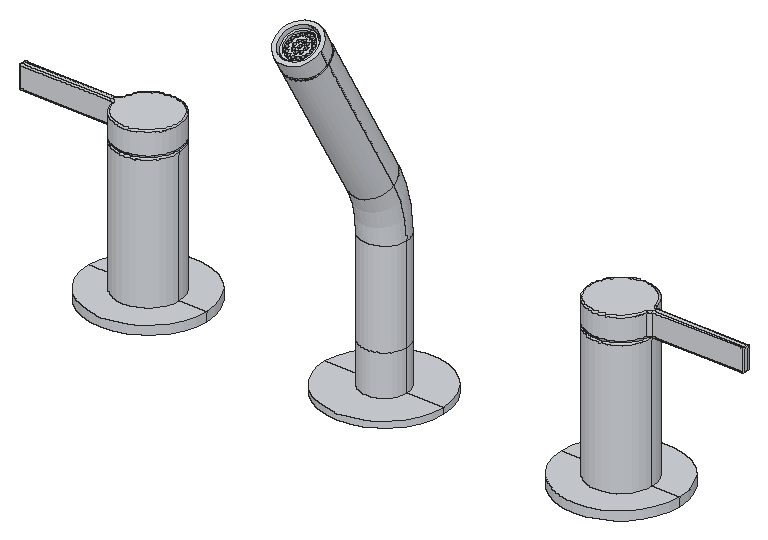
Revit family "Faucet-Wall_Mount-Lavatory-KOHLER-Stillness-K-T944", category Plumbing Fixtures, host Face, Revit 2015
Parameters (values of type "CP-Polished Chrome")
  Width = 8"
  Waste Water Outlet = "Waste Water Outlet"  # constant formula
  Waste Connection = 1 = 0  # no
  Vent Connection = 1 = 0  # no
  URL = "https://www.us.kohler.com/us/"
  Type = 1
  Spout Reach = Length  # 6 1/16"
  Product Page URL = "http://www.us.kohler.com/us/catalog/productDetails.jsp?productNumber=T944-4"
  Product Name = "Stillness"  # constant formula
  Product Documentation Link = "http://www.us.kohler.com/onlinecatalog/pdf/K-T944-4_spec.pdf"
  Pressure = 60.00 psi  # constant formula
  Model = if(Type = 1, "K-T944-4-CP", if(Type = 2, "K-T944-4-BN", "NA"))  # "K-T944-4-CP"
  Material = "Brass Construction"  # constant formula
  MasterFormat 2004 = "22.41.39"  # constant formula
  MasterFormat 1995 = "15410"  # constant formula
  Manufacturer Address = "444 Highland Dr, Kohler, WI 53044"  # constant formula
  Manufacturer = "KOHLER Co."  # constant formula
  Length = 6 1/16"  # constant formula
  Hot Water Inlet = "Hot Water Inlet"  # constant formula
  Height = 1 13/16"  # constant formula
  Handle Clearance = 2 1/8"  # constant formula
  HW Connection = 1 = 1  # yes
  Flow Rate = 1.2 GPM  # constant formula
  Finish = Kohler-Metal-CP-Polished_Chrome
  Faucet Hole Spacing = Width  # 8"
  Environmental Product Declaration = ""
  Drain Included = 1 = 0  # no
  Description = "Widespread wall-mount bathroom sink faucet trim, requires valve"  # constant formula
  Default Elevation = 36"
  Declare Label = ""
  Date Modified = "01/07/2019"  # constant formula
  Date Created = "01/07/2019"  # constant formula
  Copyright = "Copyright KOHLER Co."  # constant formula
  Contact Us = "https://www.us.kohler.com/us/static/contact.jsp"
  Cold Water Inlet = "Cold Water Inlet"  # constant formula
  CW Connection = 1 = 1  # yes
  Assembly Code = "D2010"
  ADA Compliant = 1 = 1  # yes
Types (3): name | Type | Model | Finish
  (no name) | 1 | "K-T944-4-CP" | Kohler-Metal-CP-Polished_Chrome
  CP-Polished Chrome | 1 | "K-T944-4-CP" | Kohler-Metal-CP-Polished_Chrome
  BN-Vibrant Brushed Nickel | 2 | "K-T944-4-BN" | Kohler-Metal-BN-Vibrant_Brushed_Nickel
Reference planes (in)
  plane 1 "Center (Front/Back)": y = 0
  plane 2: z = 0
  plane 3 "Center (Left/Right)": x = 0
  plane 4: x = -4
  plane 5: x = 4
  plane 6: y = -1.8125
  plane 7: z = 6.0625
Dimensions and locks (in)
  equal spacing: plane 4, plane 3 "Center (Left/Right)", plane 5
  "Width": plane 4 to plane 5
  "Height": plane 1 "Center (Front/Back)" to plane 6
  "Length": plane 7 to plane 2
  aligned and locked: host face to plane 2
  aligned and locked: host face to level
  aligned and locked: plane 4 to nested 2
  aligned and locked: plane 5 to nested 3
Automatic sketch dimensions
  host sketch curve to host sketch curve = 96"  (x2)
Nested families (in)
  nested 1: "K-T944_Spout" at (0, 0, 0), type "K-T944_Spout"
  nested 2: "K-T944_Handle" at (-4, 0, 0), type "K-T944_Handle"
  nested 3: "K-T944_Handle" at (4, 0, 0) x (-1, 0, 0) z (0, 0, 1), type "K-T944_Handle"
Connectors (in)
  piping at (-4, 0, 0), diameter 0.625, driven by "Flow Rate", driven by "Pressure", driven by "HW Connection", driven by "Hot Water Inlet"
    settings: on nested 2, index 1, connector inside diameter 24", connector length 0", flow factor 0, pipe flow 1.2 GPM, pressure drop 60.00 psi, fitting loss kfactor 0, connector angle 0.00°, fixture units 0, engagement length 0", angle of deflection 0.00°, flow configuration 1, flow direction 1, fitting loss method 4, system type 19, joint type 0, gender type 0, connector reference index -1, connector utility 1, adjustable connector no, is connector primary yes, connector description "Hot Water Inlet"
  piping at (4, 0, 0), diameter 0.625, driven by "Flow Rate", driven by "Pressure", driven by "CW Connection", driven by "Cold Water Inlet"
    settings: on nested 3, index 2, connector inside diameter 24", connector length 0", flow factor 0, pipe flow 1.2 GPM, pressure drop 60.00 psi, fitting loss kfactor 0, connector angle 0.00°, fixture units 0, engagement length 0", angle of deflection 0.00°, flow configuration 1, flow direction 1, fitting loss method 4, system type 20, joint type 0, gender type 0, connector reference index -1, connector utility 1, adjustable connector no, is connector primary no, connector description "Cold Water Inlet"
Definition of nested family "K-T944_Spout"
  Parameters (values of type "K-T944_Spout")
    Material = none
  Reference planes (in)
    plane 1 "Center (Front/Back)": y = 0
    plane 2: z = 0
    plane 3 "Center (Left/Right)": x = 0
    plane 4: z = 6.0625
    plane 5: x = -1
    plane 6: x = 1
    plane 7: y = 1
    plane 8: y = -1
    plane 9: y = -1.8125
  Forms (in)
    Revolve 1, solid, material <- "Material", detail levels medium+fine
      sketch origin (0, 0, 0) x (1, 0, 0) y (0, 0, 1)
        loop
          line (0, 0) -> (1, 0) -> (1, 0.1) -> (0.375, 0.1) -> (0.375, 0.78893) -> (0, 0.78893) -> (0, 0)
        axis (0, 0.78893) -> (0, 0)
      angle from 0 to 360
    Sweep 2, solid, material <- "Material", detail levels medium+fine
      path origin (0, 0, 0) x (0, 1, 0) y (0, 0, 1)
        loop
          line (-1.8125, 6.0625) -> (-0.25866, 3.37118)
          arc (-0.25866, 3.37118) -> (-0.06579, 2.90553) -> (0, 2.40583) r 1.93069
          line (0, 2.40583) -> (0, 0.78893)
      profile origin (0, 0, 0.78893) x (0, -1, 0) y (1, 0, 0)
        loop
          circle (0, 0) r 0.375
    Revolve 3, void
      sketch origin (0, 0, 0) x (0, 1, 0) y (0, 0, 1)
        loop
          line (-1.54835, 6.21501) -> (-1.8125, 6.0625) -> (-1.77082, 5.99031) -> (-1.5608, 6.11156) -> (-1.57722, 6.14) -> (-1.55016, 6.15563) -> (-1.50339, 6.07463) -> (-1.47633, 6.09026) -> (-1.54835, 6.21501)
        axis (-1.74048, 5.93775) -> (-1.8125, 6.0625)
      angle from 0 to 360
    Extrusion 4, void
      sketch origin (0, 2.78842, 1.71847) x (1, 0, 0) y (0, 0.866025, 0.5)
        loop
          circle (0, -1.8125) r 0.03219
        loop
          circle (0, -1.71592) r 0.03219
        loop
          circle (0, -1.62044) r 0.03219
        loop
          circle (0.13581, -1.67669) r 0.03219
        loop
          circle (0.0679, -1.7446) r 0.03219
        loop
          circle (0.09658, -1.8125) r 0.03219
        loop
          circle (0.19206, -1.8125) r 0.03219
        loop
          circle (0.13581, -1.94831) r 0.03219
        loop
          circle (0.0679, -1.8804) r 0.03219
        loop
          circle (-0.09658, -1.8125) r 0.03219
        loop
          circle (-0.19206, -1.8125) r 0.03219
        loop
          circle (-0.13581, -1.94831) r 0.03219
        loop
          circle (-0.0679, -1.8804) r 0.03219
        loop
          circle (-0.13581, -1.67669) r 0.03219
        loop
          circle (-0.0679, -1.7446) r 0.03219
        loop
          circle (0, -1.90908) r 0.03219
        loop
          circle (0, -2.00456) r 0.03219
        loop
          circle (0.0735, -1.63506) r 0.03219
        loop
          circle (0.17744, -1.739) r 0.03219
        loop
          circle (0.0735, -1.98994) r 0.03219
        loop
          circle (0.17744, -1.886) r 0.03219
        loop
          circle (-0.0735, -1.98994) r 0.03219
        loop
          circle (-0.17744, -1.886) r 0.03219
        loop
          circle (-0.0735, -1.63506) r 0.03219
        loop
          circle (-0.17744, -1.739) r 0.03219
      from 5.94372 to 6.03977
    Sweep 5, void
      path origin (0, -3.07826, 5.33171) x (0, 0.866025, 0.5) y (-1, 0, 0)
        loop
          circle (1.46158, 0) r 0.375
      profile origin (0, -1.48774, 6.25) x (0, -0.866025, -0.5) y (0, -0.5, 0.866025)
        loop
          line (0, -0.28825) -> (-0.03426, -0.28825) -> (-0.03426, -0.32811) -> (0, -0.32811)
          arc (0, -0.32811) -> (0.00585, -0.31398) -> (0.01988, -0.30813) r 0.01998
          arc (0.01988, -0.30813) -> (0.00582, -0.30231) -> (0, -0.28825) r 0.01988
    Revolve 6, solid, material <- "Material", detail levels coarse
      sketch origin (0, 0, 0) x (0, 1, 0) y (0, 0, 1)
        loop
          line (0, 0) -> (0, 2.08258) -> (-0.41468, 2.08258) -> (-0.41468, 0.1782) -> (-1, 0.1782) -> (-1, 0) -> (0, 0)
        axis (0, 2.08258) -> (0, 0)
      angle from 0 to 360
    Sweep 7, solid, material <- "Material", detail levels coarse
      path origin (0, 0, 0) x (0, 1, 0) y (0, 0, 1)
        loop
          line (-1.8125, 6.0625) -> (-0.21683, 3.29872)
          arc (-0.21683, 3.29872) -> (-0.05515, 2.90838) -> (0, 2.4895) r 1.61844
          line (0, 2.4895) -> (0, 2.08258)
      profile origin (0, 0, 2.08258) x (1, 0, 0) y (0, 1, 0)
        loop
          circle (0, 0) r 0.41468
  Cuts and joins
    Extrusion 4 cuts Revolve 1
    Revolve 3, Extrusion 4, Sweep 5 cuts Sweep 2
    joined: Revolve 1, Sweep 2
    joined: Revolve 6, Sweep 7
  Lines and regions (in)
    Masking region 1
      outline origin (0, 0, 0) x (1, 0, 0) y (0, 0, 1)
        loop
          line (1, 0) -> (1, 0.1) -> (0.375, 0.1) -> (0.375, 6.0625)
          spline (0.375, 6.0625) -> (0.36222, 6.11103) -> (0.32476, 6.15625) -> (0.26517, 6.19508) -> (0.1875, 6.22488) -> (0.09706, 6.24361) -> (0, 6.25) -> (-0.09706, 6.24361) -> (-0.1875, 6.22488) -> (-0.26517, 6.19508) -> (-0.32476, 6.15625) -> (-0.36222, 6.11103) -> (-0.375, 6.0625)
          line (-0.375, 6.0625) -> (-0.375, 0.1) -> (-1, 0.1) -> (-1, 0) -> (1, 0)
    Masking region 2
      outline origin (0, 0, 0) x (0, 1, 0) y (0, 0, 1)
        loop
          line (1, 0) -> (1, 0.1) -> (0.375, 0.1) -> (0.375, 2.41362)
          arc (0.375, 2.41362) -> (0.36391, 2.62556) -> (0.33074, 2.83518) r 2.02995
          arc (0.33074, 2.83518) -> (0.23132, 3.20571) -> (0.06915, 3.55338) r 2.20375
          line (0.06915, 3.55338) -> (-1.48774, 6.25) -> (-2.13726, 5.875) -> (-0.62297, 3.25217)
          arc (-0.62297, 3.25217) -> (-0.51852, 3.04838) -> (-0.43494, 2.83518) r 2.29149
          arc (-0.43494, 2.83518) -> (-0.39006, 2.62652) -> (-0.375, 2.41362) r 1.51245
          line (-0.375, 2.41362) -> (-0.375, 0.1) -> (-1, 0.1) -> (-1, 0) -> (1, 0)
    Masking region 3
      outline origin (0, 0, 0.78893) x (0, -1, 0) y (1, 0, 0)
        loop
          arc (0, -1) -> (0.55902, -0.82916) -> (0.92702, -0.375) r 1
          line (0.92702, -0.375) -> (1.8125, -0.375)
          arc (1.8125, -0.375) -> (1.8644, -0.37085) -> (1.91447, -0.35655) r 0.26272
          arc (1.91447, -0.35655) -> (2.02054, -0.28933) -> (2.09466, -0.18794) r 0.33715
          arc (2.09466, -0.18794) -> (2.12634, -0.09634) -> (2.13707, 0) r 0.4376
          arc (2.13707, 0) -> (2.12634, 0.09634) -> (2.09466, 0.18794) r 0.4376
          arc (2.09466, 0.18794) -> (2.02054, 0.28933) -> (1.91447, 0.35655) r 0.33715
          arc (1.91447, 0.35655) -> (1.8644, 0.37085) -> (1.8125, 0.375) r 0.26272
          line (1.8125, 0.375) -> (0.92702, 0.375)
          arc (0.92702, 0.375) -> (0.55902, 0.82916) -> (0, 1) r 1
          arc (0, 1) -> (-0.70711, 0.70711) -> (-1, 0) r 1
          arc (-1, 0) -> (-0.70711, -0.70711) -> (0, -1) r 1
    symbolic lines, detail levels medium+fine
      curve 1: line (0.375, 0, 0.1) -> (-0.375, 0, 0.1)
      curve 2: arc (0.21861, 0, 5.93885) -> (0.11087, 0, 5.96666) -> (0, 0, 5.97602) r 0.6614
      curve 3: arc (0.33656, 0, 5.86808) -> (0.2812, 0, 5.90949) -> (0.21861, 0, 5.93885) r 0.34022
      curve 4: arc (0.375, 0, 5.80517) -> (0.36019, 0, 5.83932) -> (0.33656, 0, 5.86808) r 0.13415
      curve 5: arc (-0.21861, 0, 5.93885) -> (-0.11087, 0, 5.96666) -> (0, 0, 5.97602) r 0.6614
      curve 6: arc (-0.33656, 0, 5.86808) -> (-0.2812, 0, 5.90949) -> (-0.21861, 0, 5.93885) r 0.34022
      curve 7: arc (-0.375, 0, 5.80517) -> (-0.36019, 0, 5.83932) -> (-0.33656, 0, 5.86808) r 0.13415
      curve 8: line (0, -1.9832, 5.60815) -> (0, -1.33368, 5.98315)
      curve 9: line (-0.375, -0.92702, 0) -> (-0.375, 0, 0)
      curve 10: line (0.375, -0.92702, 0) -> (0.375, 0, 0)
      curve 11: arc (0.375, 0, 0) -> (0, 0.375, 0) -> (-0.375, 0, 0) r 0.375
      curve 12: arc (-0.24846, -1.42347, 0) -> (-0.13095, -1.36191, 0) -> (0, -1.34066, 0) r 0.41413
      curve 13: arc (-0.3652, -1.59427, 0) -> (-0.32095, -1.49922, 0) -> (-0.24846, -1.42347, 0) r 0.3213
      curve 14: arc (-0.375, -1.64171, 0) -> (-0.37091, -1.61782, 0) -> (-0.3652, -1.59427, 0) r 0.3563
      curve 15: arc (0.24846, -1.42347, 0) -> (0.13095, -1.36191, 0) -> (0, -1.34066, 0) r 0.41413
      curve 16: arc (0.3652, -1.59427, 0) -> (0.32095, -1.49922, 0) -> (0.24846, -1.42347, 0) r 0.3213
      curve 17: arc (0.375, -1.64171, 0) -> (0.37091, -1.61782, 0) -> (0.3652, -1.59427, 0) r 0.3563
      curve 18: arc (-0.28429, -1.59964, 0) -> (-0.1529, -1.51618, 0) -> (0, -1.48699, 0) r 0.41505
      curve 19: arc (-0.375, -1.8125, 0) -> (-0.35197, -1.69656, 0) -> (-0.28429, -1.59964, 0) r 0.28797
      curve 20: arc (0.28429, -1.59964, 0) -> (0.1529, -1.51618, 0) -> (0, -1.48699, 0) r 0.41505
      curve 21: arc (0.375, -1.8125, 0) -> (0.35197, -1.69656, 0) -> (0.28429, -1.59964, 0) r 0.28797
      curve 22: spline (0, -2.07665, 0) -> (-0.07894, -2.06765, 0) -> (-0.15251, -2.04126, 0) -> (-0.21568, -1.99928, 0) -> (-0.26415, -1.94457, 0) -> (-0.29462, -1.88087, 0) -> (-0.30501, -1.8125, 0) -> (-0.29462, -1.74413, 0) -> (-0.26415, -1.68043, 0) -> (-0.21568, -1.62572, 0) -> (-0.15251, -1.58374, 0) -> (-0.07894, -1.55735, 0) -> (0, -1.54835, 0)
      curve 23: spline (0, -1.54835, 0) -> (0.07894, -1.55735, 0) -> (0.15251, -1.58374, 0) -> (0.21568, -1.62572, 0) -> (0.26415, -1.68043, 0) -> (0.29462, -1.74413, 0) -> (0.30501, -1.8125, 0) -> (0.29462, -1.88087, 0) -> (0.26415, -1.94457, 0) -> (0.21568, -1.99928, 0) -> (0.15251, -2.04126, 0) -> (0.07894, -2.06765, 0) -> (0, -2.07665, 0)
      curve 24: line (0, 0.375, 0.1) -> (0, -0.375, 0.1)
  Dimensions and locks (in)
    locked: plane 4 to plane 2 at 6.0625
    locked: plane 5 to plane 6 at 2
    locked: plane 7 to plane 8 at 2
    locked: plane 1 "Center (Front/Back)" to plane 9 at 1.8125
    aligned and locked: plane 2 to level
Definition of nested family "K-T944_Handle"
  Parameters (values of type "K-T944_Handle")
    Material = none
  Reference planes (in)
    plane 1 "Center (Front/Back)": y = 0
    plane 2: z = 0
    plane 3 "Center (Left/Right)": x = 0
    plane 4: y = 1
    plane 5: y = -1
    plane 6: x = -1
    plane 7: x = 1
    plane 8: x = -2.125
  Forms (in)
    Sweep 1, solid, material <- "Material", detail levels medium+fine
      path origin (4, 0, 0) x (1, 0, 0) y (0, 1, 0)
        loop
          line (-4.57857, 0.055) -> (-6.125, 0.055) -> (-6.125, -0.055) -> (-4.57788, -0.055)
          arc (-4.57788, -0.055) -> (-4.54077, -0.06831) -> (-4.52057, -0.10216) r 0.05841
          arc (-4.52057, -0.10216) -> (-3.4695, -0.00031) -> (-4.52045, 0.10277) r 0.5305
          arc (-4.52045, 0.10277) -> (-4.54095, 0.06847) -> (-4.57857, 0.055) r 0.05924
      profile origin (0.5305, -0.00031, 0) x (-1, 0.000583, 0) y (0, 0, 1)
        loop
          line (0, 2.81514) -> (0, 2.45489)
          arc (0, 2.45489) -> (0.00582, 2.44083) -> (0.01989, 2.43501) r 0.01989
          line (0.01989, 2.43501) -> (0.05087, 2.43501) -> (0.05087, 2.83518) -> (0.02004, 2.83518)
          arc (0.02004, 2.83518) -> (0.00587, 2.82931) -> (0, 2.81514) r 0.02004
    Extrusion 2, solid, material <- "Material", detail levels medium+fine
      sketch origin (4, 0, 0) x (1, 0, 0) y (0, 1, 0)
        loop
          line (-6.07413, 0.00413) -> (-6.10645, -0.00413) -> (-4.57788, -0.00413)
          arc (-4.57788, -0.00413) -> (-4.50845, -0.02903) -> (-4.47065, -0.09236) r 0.10927
          arc (-4.47065, -0.09236) -> (-3.52037, -0.00028) -> (-4.47055, 0.09291) r 0.47963
          arc (-4.47055, 0.09291) -> (-4.50866, 0.02918) -> (-4.57857, 0.00413) r 0.11011
          line (-4.57857, 0.00413) -> (-6.07413, 0.00413)
      from 2.43501 to 2.83518
    Revolve 3, solid, material <- "Material", detail levels medium+fine
      sketch origin (4, 0, 0) x (1, 0, 0) y (0, 0, 1)
        loop
          line (-4, 2.44555) -> (-4, 0) -> (-3, 0) -> (-3, 0.15) -> (-3.47, 0.15) -> (-3.47, 2.39282)
          arc (-3.47, 2.39282) -> (-3.47609, 2.40753) -> (-3.4908, 2.41362) r 0.0208
          line (-3.4908, 2.41362) -> (-3.52187, 2.41362) -> (-3.52187, 2.44555) -> (-4, 2.44555)
        axis (-4, 2.44555) -> (-4, 0)
      angle from 0 to 360
    Extrusion 4, void
      sketch origin (4, 0, 0) x (1, 0, 0) y (0, 1, 0)
        loop
          line (-6.10476, 0.055) -> (-6.10476, 0.08792) -> (-6.16104, 0.08792) -> (-6.16104, 0.03476) -> (-6.125, 0.03476)
          arc (-6.125, 0.03476) -> (-6.11907, 0.04907) -> (-6.10476, 0.055) r 0.02024
      from 2.40503 to 2.85898
    Extrusion 5, void
      sketch origin (4, 0, 0) x (1, 0, 0) y (0, 1, 0)
        loop
          arc (-6.10476, -0.055) -> (-6.11907, -0.04907) -> (-6.125, -0.03476) r 0.02024
          line (-6.125, -0.03476) -> (-6.16104, -0.03476) -> (-6.16104, -0.08792) -> (-6.10476, -0.08792) -> (-6.10476, -0.055)
      from 2.40503 to 2.85898
    Revolve 6, solid, material <- "Material", detail levels coarse
      sketch origin (4, 0, 0) x (1, 0, 0) y (0, 0, 1)
        loop
          line (-4, 0) -> (-3, 0) -> (-3, 0.1782) -> (-3.41158, 0.1782) -> (-3.41158, 2.83518) -> (-4, 2.83518) -> (-4, 0)
        axis (-4, 2.83518) -> (-4, 0)
      angle from 0 to 360
    Extrusion 7, solid, material <- "Material", detail levels coarse
      sketch origin (4, 0, 0) x (1, 0, 0) y (0, 1, 0)
        loop
          line (-6.125, 0.055) -> (-6.125, -0.055) -> (-4.41818, -0.055) -> (-4.41818, 0.055) -> (-6.125, 0.055)
      from 2.43501 to 2.83518
    Extrusion 8, solid, material <- "Material", detail levels medium+fine
      sketch origin (0, 0, 0) x (1, 0, 0) y (0, 1, 0)
        loop
          circle (0, 0) r 0.25
      from 0 to 0.07041
  Cuts and joins
    Extrusion 4, Extrusion 5 cuts Sweep 1
    Extrusion 5 cuts Extrusion 2
    joined: Sweep 1, Extrusion 2, Revolve 3
    joined: Revolve 6, Extrusion 7
  Lines and regions (in)
    Masking region 1
      outline origin (4, 0, 0) x (1, 0, 0) y (0, 0, 1)
        loop
          line (-5, 0) -> (-3, 0) -> (-3, 0.15) -> (-3.47, 0.15) -> (-3.47, 2.83518) -> (-6.10513, 2.83518)
          arc (-6.10513, 2.83518) -> (-6.11918, 2.82936) -> (-6.125, 2.81531) r 0.01987
          line (-6.125, 2.81531) -> (-6.125, 2.45587)
          arc (-6.125, 2.45587) -> (-6.11889, 2.44112) -> (-6.10414, 2.43501) r 0.02086
          line (-6.10414, 2.43501) -> (-4.53, 2.43501) -> (-4.53, 0.15) -> (-5, 0.15) -> (-5, 0)
    Masking region 2
      outline origin (0, 0, 0) x (0, 1, 0) y (0, 0, 1)
        loop
          line (1, 0) -> (1, 0.15) -> (0.53, 0.15) -> (0.53, 2.83518) -> (-0.28784, 2.83518) -> (-0.53, 2.83518) -> (-0.53, 0.15) -> (-1, 0.15) -> (-1, 0) -> (1, 0)
    Masking region 3
      outline origin (4, 0, 0.78893) x (0, -1, 0) y (1, 0, 0)
        loop
          line (-0.055, -4.99849) -> (-0.055, -6.10506)
          arc (-0.055, -6.10506) -> (-0.04916, -6.11916) -> (-0.03506, -6.125) r 0.01994
          line (-0.03506, -6.125) -> (0.03501, -6.125)
          arc (0.03501, -6.125) -> (0.04915, -6.11915) -> (0.055, -6.10501) r 0.01999
          line (0.055, -6.10501) -> (0.055, -4.99849)
          arc (0.055, -4.99849) -> (0.72629, -4.68739) -> (1, -4) r 1
          arc (1, -4) -> (0.70711, -3.29289) -> (0, -3) r 1
          arc (0, -3) -> (-0.70711, -3.29289) -> (-1, -4) r 1
          arc (-1, -4) -> (-0.72629, -4.68739) -> (-0.055, -4.99849) r 1
    symbolic lines, detail levels medium+fine
      curve 1: line (-0.53, 0, 2.43501) -> (0.53, 0, 2.43501)
      curve 2: line (-0.53, 0, 2.41362) -> (0.53, 0, 2.41362)
      curve 3: line (-0.53, 0, 0.15) -> (0.53, 0, 0.15)
      curve 4: line (0, 0.53, 0.15) -> (0, -0.53, 0.15)
      curve 5: line (0, 0.33074, 2.83518) -> (0, -0.43494, 2.83518)
      curve 6: line (0, 0.53, 2.43501) -> (0, -0.53, 2.43501)
      curve 7: line (0, 0.53, 2.41362) -> (0, -0.53, 2.41362)
      curve 8: line (0, 0.055, 2.81514) -> (0, 0.055, 2.45489)
      curve 9: line (0, -0.055, 2.81514) -> (0, -0.055, 2.45489)
      curve 10: arc (0, 0.055, 2.81514) -> (0, 0.04913, 2.82931) -> (0, 0.03496, 2.83518) r 0.02004
      curve 11: arc (0, -0.03496, 2.83518) -> (0, -0.04913, 2.82931) -> (0, -0.055, 2.81514) r 0.02004
      curve 12: arc (0, 0.03511, 2.43501) -> (0, 0.04918, 2.44083) -> (0, 0.055, 2.45489) r 0.01989
      curve 13: arc (0, -0.03511, 2.43501) -> (0, -0.04918, 2.44083) -> (0, -0.055, 2.45489) r 0.01989
      curve 14: arc (0.53, 0, 0) -> (0.05236, 0.52741, 0) -> (-0.51965, 0.10421, 0) r 0.53
      curve 15: arc (-0.51984, -0.10329, 0) -> (0.05189, -0.52745, 0) -> (0.53, 0, 0) r 0.53
      curve 16: line (-0.99849, 0.055, 0) -> (-0.57972, 0.055, 0)
      curve 17: line (-0.99849, -0.055, 0) -> (-0.57867, -0.055, 0)
      curve 18: arc (-0.57867, -0.055, 0) -> (-0.54061, -0.06862, 0) -> (-0.51984, -0.10329, 0) r 0.05998
      curve 19: arc (-0.57972, 0.055, 0) -> (-0.54089, 0.06887, 0) -> (-0.51965, 0.10421, 0) r 0.06126
  Dimensions and locks (in)
    locked: plane 4 to plane 5 at 2
    locked: plane 6 to plane 7 at 2
    locked: plane 3 "Center (Left/Right)" to plane 8 at 2.125
    aligned and locked: plane 2 to level
